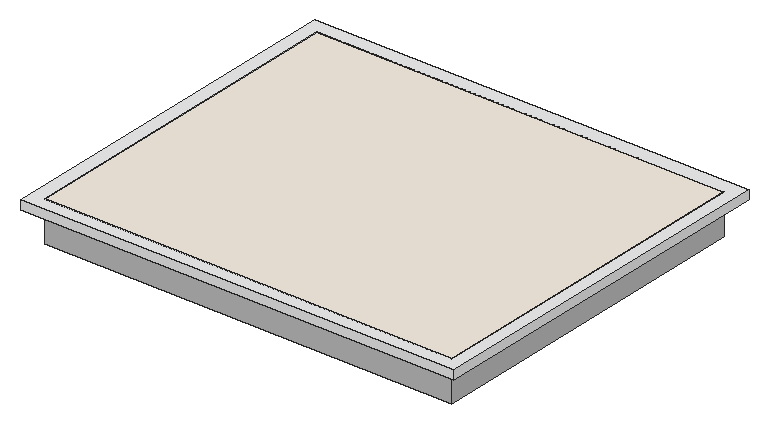
Revit family "Lighting-Industrial-GEWISS-ELIA-HL-LED_HIGHBAY", category Apparecchi per illuminazione, host Superficie, Revit 2019 (continued)
Types (12, lengths in mm): name | Weight (kg): | Weight (kg) | Voltage | Technical sheet | System power | Optic | built-in parameter 1150142 | Lumen output (lm) | Model | IDT | File diagramma fotometrico | Description
  GWF1001ML840 - ELIA HL M2 90° 4000K S.ALONE DALI | "3,9" | "3,9" | "220-240 V " | "https://www.gewiss.com/ww/en/search?q=GWF1100VC876" | "120W" | "90°" | "IESNA:LM-63-1995\r\n[TEST] HB25-120-4080-90D-H00108\r\n[DATE] 27 Nov 2019\r\n[MANUFAC] GEWISS\r\n[LUMCAT] GWF1001ML840\r\n[LUMINAIRE] ELIA HL - M2 90° LED840 120W - DALI\r\n[FLASHAREA] 0.013851\r\n[LAMPCAT] LED 120W/16100lm\r\n[LAMP] LED 120W/16100lm\r\nTILT=NONE\r\n1 16100.00 1.0 181 37 1 2 -0.270 0.000 0.000\r\n1.00 1.00 120.00\r\n0.00 0.50 1.00 1.50 2.00 2.50 3.00 3.50 4.00 4.50 5.00 \r\n5.50 6.00 6.50 7.00 7.50 8.00 8.50 9.00 9.50 10.00 10.50 \r\n11.00 11.50 12.00 12.50 13.00 13.50 14.00 14.50 15.00 \r\n15.50 16.00 16.50 17.00 17.50 18.00 18.50 19.00 19.50 \r\n20.00 20.50 21.00 21.50 22.00 22.50 23.00 23.50 24.00 \r\n24.50 25.00 25.50 26.00 26.50 27.00 27.50 28.00 28.50 \r\n29.00 29.50 30.00 30.50 31.00 31.50 32.00 32.50 33.00 \r\n33.50 34.00 34.50 35.00 35.50 36.00 36.50 37.00 37.50 \r\n38.00 38.50 39.00 39.50 40.00 40.50 41.00 41.50 42.00 \r\n42.50 43.00 43.50 44.00 44.50 45.00 45.50 46.00 46.50 \r\n47.00 47.50 48.00 48.50 49.00 49.50 50.00 50.50 51.00 \r\n51.50 52.00 52.50 53.00 53.50 54.00 54.50 55.00 55.50 \r\n56.00 56.50 57.00 57.50 58.00 58.50 59.00 59.50 60.00 \r\n60.50 61.00 61.50 62.00 62.50 63.00 63.50 64.00 64.50 \r\n65.00 65.50 66.00 66.50 67.00 67.50 68.00 68.50 69.00 \r\n69.50 70.00 70.50 71.00 71.50 72.00 72.50 73.00 73.50 \r\n74.00 74.50 75.00 75.50 76.00 76.50 77.00 77.50 78.00 \r\n78.50 79.00 79.50 80.00 80.50 81.00 81.50 82.00 82.50 \r\n83.00 83.50 84.00 84.50 85.00 85.50 86.00 86.50 87.00 \r\n87.50 88.00 88.50 89.00 89.50 90.00 \r\n0.00 2.50 5.00 7.50 10.00 12.50 15.00 17.50 20.00 22.50 \r\n25.00 27.50 30.00 32.50 35.00 37.50 40.00 42.50 45.00 \r\n47.50 50.00 52.50 55.00 57.50 60.00 62.50 65.00 67.50 \r\n70.00 72.50 75.00 77.50 80.00 82.50 85.00 87.50 90.00 \r\n8062.88 8062.88 8064.49 8067.71 8069.32 8072.54 8077.37 \r\n8080.59 8085.42 8091.86 8099.91 8106.35 8114.40 8122.45 \r\n8130.50 8138.55 8146.60 8156.26 8165.92 8175.58 8185.24 \r\n8193.29 8202.95 8211.00 8220.66 8227.10 8235.15 8241.59 \r\n8248.03 8251.25 8256.08 8257.69 8257.69 8257.69 8256.08 \r\n8252.86 8246.42 8238.37 8228.71 8219.05 8206.17 8191.68 \r\n8173.97 8154.65 8132.11 8107.96 8082.20 8054.83 8024.24 \r\n7990.43 7955.01 7916.37 7874.51 7829.43 7781.13 7728.00 \r\n7670.04 7607.25 7538.02 7460.74 7380.24 7291.69 7199.92 \r\n7100.10 6998.67 6895.63 6787.76 6671.84 6544.65 6407.80 \r\n6258.07 6092.24 5919.97 5758.97 5597.97 5435.36 5274.36 \r\n5124.63 4978.12 4834.83 4691.54 4545.03 4400.13 4266.50 \r\n4139.31 4015.34 3894.59 3781.89 3670.80 3556.49 3442.18 \r\n3334.31 3229.66 3129.84 3031.63 2936.64 2844.87 2753.10 \r\n2662.94 2577.61 2495.50 2411.78 2331.28 2254.00 2179.94 \r\n2107.49 2036.65 1967.42 1896.58 1824.13 1751.68 1679.23 \r\n1609.20 1540.13 1473.63 1411.81 1352.24 1292.83 1236.48 \r\n1186.73 1140.85 1096.73 1055.03 1016.72 979.52 941.69 \r\n903.85 866.34 828.99 791.48 754.29 718.06 683.12 650.28 \r\n619.53 591.03 563.82 536.45 510.21 486.54 464.97 445.97 \r\n427.29 405.40 383.34 362.89 343.25 323.93 304.93 286.26 \r\n268.39 251.80 236.51 222.99 210.91 200.61 190.46 177.91 \r\n165.19 153.47 141.94 130.15 118.66 108.06 97.92 87.91 \r\n78.21 68.94 60.10 51.78 43.99 36.87 30.28 24.13 18.52 \r\n13.39 9.08 5.94 3.87 2.84 2.86 \r\n8062.88 8062.88 8064.49 8066.90 8069.32 8072.54 8077.37 \r\n8080.59 8085.42 8091.86 8099.91 8106.35 8114.40 8122.45 \r\n8130.50 8138.55 8147.40 8157.06 8166.72 8175.58 8185.24 \r\n8194.09 8203.75 8211.80 8220.66 8227.90 8235.95 8242.39 \r\n8248.03 8252.86 8256.08 8257.69 8259.30 8258.49 8256.88 \r\n8252.86 8248.03 8240.78 8231.12 8219.85 8206.97 8192.48 \r\n8174.77 8155.45 8133.72 8109.57 8083.81 8056.44 8025.85 \r\n7992.84 7957.42 7917.98 7876.12 7831.04 7781.93 7728.80 \r\n7671.65 7608.05 7539.63 7463.96 7382.65 7295.71 7203.14 \r\n7104.93 7002.69 6899.65 6790.17 6673.45 6547.06 6409.41 \r\n6261.29 6096.26 5926.41 5764.60 5604.41 5440.99 5279.99 \r\n5127.04 4978.92 4834.83 4692.34 4545.83 4403.35 4270.52 \r\n4144.14 4020.17 3900.22 3785.11 3670.80 3556.49 3442.99 \r\n3335.92 3232.08 3130.64 3033.24 2938.25 2846.48 2753.91 \r\n2665.36 2579.22 2495.50 2412.59 2332.89 2255.61 2180.74 \r\n2109.10 2038.26 1967.42 1898.19 1825.74 1752.49 1682.45 \r\n1611.61 1543.10 1476.77 1414.71 1355.30 1296.29 1240.51 \r\n1190.76 1144.71 1100.60 1059.06 1020.50 983.15 945.39 \r\n907.72 870.12 832.61 795.42 758.71 722.25 687.15 654.30 \r\n623.47 594.65 567.04 539.27 512.79 488.72 466.66 447.26 \r\n428.10 406.28 384.23 363.78 344.06 324.74 305.82 287.14 \r\n269.19 252.53 237.23 223.87 211.80 201.33 190.87 178.31 \r\n165.51 153.47 141.73 129.88 118.41 107.81 97.69 87.75 \r\n78.16 68.99 60.23 51.90 44.10 36.94 30.33 24.18 18.56 \r\n13.43 9.10 5.96 3.88 2.85 2.87 \r\n8062.88 8062.88 8064.49 8066.90 8069.32 8072.54 8076.56 \r\n8080.59 8086.22 8091.86 8099.91 8106.35 8114.40 8121.64 \r\n8129.69 8139.35 8147.40 8157.06 8166.72 8176.38 8185.24 \r\n8194.90 8203.75 8212.61 8221.46 8228.71 8236.76 8243.20 \r\n8248.83 8253.66 8256.88 8258.49 8260.10 8259.30 8257.69 \r\n8254.47 8248.83 8242.39 8232.73 8221.46 8209.39 8194.09 \r\n8176.38 8157.06 8135.33 8111.18 8085.42 8058.05 8028.26 \r\n7994.45 7958.23 7919.59 7878.53 7832.65 7784.35 7732.02 \r\n7673.26 7610.47 7542.04 7467.18 7385.87 7299.74 7207.16 \r\n7108.95 7006.72 6902.87 6793.39 6675.06 6548.67 6412.63 \r\n6266.12 6101.90 5932.85 5771.85 5612.46 5447.43 5285.63 \r\n5130.26 4979.73 4834.02 4691.54 4545.83 4404.15 4273.74 \r\n4147.36 4023.39 3903.44 3786.72 3671.61 3556.49 3443.79 \r\n3337.53 3233.69 3132.26 3033.24 2939.06 2847.29 2754.71 \r\n2665.36 2579.22 2495.50 2414.20 2334.50 2256.42 2181.55 \r\n2109.10 2039.07 1969.03 1898.19 1826.55 1754.90 1684.06 \r\n1614.83 1546.00 1479.83 1417.77 1358.36 1299.75 1244.37 \r\n1194.70 1148.49 1104.54 1063.00 1024.20 986.69 949.18 \r\n911.58 873.75 836.15 799.20 762.74 726.35 691.09 658.25 \r\n627.18 598.20 570.26 542.17 515.28 490.89 468.35 448.39 \r\n428.90 407.09 385.27 364.67 344.86 325.54 306.71 287.87 \r\n269.92 253.25 237.96 224.51 212.52 201.81 191.11 178.55 \r\n165.59 153.35 141.39 129.51 118.07 107.49 97.40 87.54 \r\n78.04 68.96 60.29 51.95 44.13 36.96 30.33 24.19 18.59 \r\n13.44 9.11 5.97 3.89 2.85 2.86 \r\n8062.88 8062.88 8064.49 8066.90 8070.12 8073.34 8076.56 \r\n8081.39 8086.22 8092.66 8099.10 8106.35 8114.40 8122.45 \r\n8130.50 8139.35 8147.40 8157.06 8166.72 8176.38 8186.04 \r\n8194.90 8204.56 8212.61 8222.27 8230.32 8237.56 8244.00 \r\n8248.83 8253.66 8257.69 8259.30 8260.91 8260.10 8259.30 \r\n8256.08 8250.44 8242.39 8234.34 8223.88 8211.00 8195.70 \r\n8178.80 8159.48 8137.74 8113.59 8088.64 8060.46 8029.87 \r\n7996.87 7961.45 7922.00 7880.95 7835.06 7785.96 7733.63 \r\n7676.48 7612.88 7544.46 7470.40 7389.90 7304.57 7211.99 \r\n7114.59 7011.55 6906.90 6796.61 6678.28 6551.89 6416.65 \r\n6270.14 6107.53 5940.90 5779.90 5619.70 5453.87 5290.46 \r\n5133.48 4981.34 4834.83 4690.73 4546.64 4405.76 4275.35 \r\n4149.77 4026.61 3905.86 3787.53 3670.80 3555.69 3444.60 \r\n3339.14 3236.10 3133.87 3034.85 2939.86 2848.09 2756.32 \r\n2665.36 2580.03 2496.31 2414.20 2335.31 2258.03 2183.16 \r\n2110.71 2038.26 1968.23 1898.19 1826.55 1755.71 1684.87 \r\n1616.44 1548.66 1482.89 1420.91 1361.26 1303.05 1247.99 \r\n1198.32 1152.12 1108.24 1066.79 1027.74 990.07 952.56 \r\n915.12 877.13 839.45 802.83 766.52 730.22 694.88 662.03 \r\n630.96 601.58 573.24 544.90 517.62 492.74 469.80 449.35 \r\n429.47 407.81 386.16 365.55 345.51 326.19 307.35 288.67 \r\n270.64 253.90 238.60 225.16 213.08 202.14 191.19 178.55 \r\n165.59 153.13 140.97 129.07 117.67 107.11 97.06 87.29 \r\n77.89 68.90 60.28 51.96 44.13 36.94 30.31 24.17 18.57 \r\n13.44 9.12 5.97 3.89 2.84 2.85 \r\n8062.88 8063.68 8064.49 8066.90 8070.12 8073.34 8076.56 \r\n8081.39 8086.22 8092.66 8099.10 8106.35 8114.40 8122.45 \r\n8130.50 8139.35 8147.40 8157.06 8166.72 8176.38 8186.04 \r\n8194.90 8204.56 8214.22 8222.27 8231.12 8237.56 8244.00 \r\n8250.44 8254.47 8257.69 8260.91 8261.71 8260.91 8260.10 \r\n8256.88 8251.25 8244.81 8235.95 8225.49 8212.61 8197.31 \r\n8180.41 8160.28 8139.35 8116.01 8091.05 8062.88 8032.29 \r\n7999.28 7963.86 7925.22 7883.36 7838.28 7789.98 7736.85 \r\n7679.70 7616.10 7548.48 7474.42 7394.73 7309.40 7217.63 \r\n7119.42 7017.18 6911.73 6800.64 6682.30 6555.11 6419.87 \r\n6275.78 6114.78 5948.95 5787.95 5626.95 5461.12 5296.90 \r\n5137.51 4982.95 4834.83 4690.73 4546.64 4406.57 4276.96 \r\n4150.58 4028.22 3907.47 3787.53 3670.00 3556.49 3445.40 \r\n3340.75 3237.71 3135.48 3035.66 2940.67 2848.09 2756.32 \r\n2666.16 2579.22 2495.50 2414.20 2335.31 2258.83 2183.97 \r\n2110.71 2039.07 1969.03 1898.19 1826.55 1755.71 1686.48 \r\n1618.86 1551.15 1485.87 1423.72 1363.99 1305.95 1251.29 \r\n1201.62 1155.42 1111.54 1070.17 1030.88 992.97 955.54 \r\n918.18 880.19 842.43 805.81 769.82 733.52 698.34 665.41 \r\n634.18 604.64 575.98 547.32 519.87 494.51 471.01 450.00 \r\n429.79 408.46 387.12 366.28 346.07 326.75 307.99 289.24 \r\n271.12 254.38 239.09 225.72 213.57 202.38 191.11 178.39 \r\n165.43 152.81 140.50 128.57 117.21 106.69 96.70 87.01 \r\n77.71 68.79 60.24 51.93 44.08 36.89 30.26 24.13 18.54 \r\n13.42 9.11 5.97 3.88 2.84 2.84 \r\n8062.88 8063.68 8064.49 8066.90 8069.32 8072.54 8076.56 \r\n8081.39 8086.22 8092.66 8099.10 8106.35 8114.40 8122.45 \r\n8131.30 8139.35 8148.21 8157.06 8166.72 8176.38 8186.04 \r\n8195.70 8204.56 8214.22 8223.07 8231.12 8239.17 8245.61 \r\n8250.44 8256.08 8259.30 8261.71 8262.52 8262.52 8260.91 \r\n8257.69 8253.66 8246.42 8237.56 8227.10 8214.22 8198.92 \r\n8182.02 8163.50 8141.77 8118.42 8092.66 8065.29 8034.70 \r\n8002.50 7967.08 7928.44 7886.58 7841.50 7793.20 7740.07 \r\n7682.11 7620.13 7551.70 7478.45 7398.75 7314.23 7223.26 \r\n7125.86 7023.62 6917.36 6805.47 6687.13 6560.75 6426.31 \r\n6282.22 6122.02 5957.00 5796.00 5634.19 5468.36 5303.34 \r\n5142.34 4985.36 4835.63 4689.93 4546.64 4408.18 4277.77 \r\n4151.38 4028.22 3907.47 3786.72 3669.19 3555.69 3446.21 \r\n3341.56 3240.13 3137.09 3036.46 2941.47 2848.09 2757.13 \r\n2666.16 2579.22 2495.50 2414.20 2336.11 2259.64 2184.77 \r\n2111.52 2039.07 1968.23 1899.00 1826.55 1755.71 1687.28 \r\n1619.66 1553.41 1488.61 1426.22 1366.33 1308.53 1254.03 \r\n1204.36 1158.07 1114.28 1072.98 1033.54 995.46 957.95 \r\n920.68 882.60 844.85 808.38 772.48 736.33 701.24 668.31 \r\n637.00 607.13 578.23 549.33 521.64 495.88 471.97 450.40 \r\n429.95 408.78 387.69 366.76 346.39 327.07 308.40 289.56 \r\n271.61 254.78 239.49 226.12 213.81 202.30 190.87 178.15 \r\n165.19 152.42 139.97 128.05 116.74 106.27 96.33 86.72 \r\n77.51 68.67 60.16 51.87 44.03 36.83 30.20 24.07 18.50 \r\n13.40 9.10 5.97 3.87 2.83 2.82 \r\n8062.88 8063.68 8064.49 8066.90 8069.32 8072.54 8076.56 \r\n8081.39 8087.03 8092.66 8099.10 8107.15 8114.40 8122.45 \r\n8131.30 8139.35 8148.21 8157.87 8167.53 8176.38 8186.04 \r\n8195.70 8205.36 8215.02 8223.88 8231.93 8239.17 8245.61 \r\n8252.05 8256.88 8260.10 8262.52 8263.32 8263.32 8262.52 \r\n8259.30 8254.47 8248.03 8239.17 8228.71 8215.83 8201.34 \r\n8184.43 8165.11 8144.18 8120.84 8095.08 8067.71 8037.92 \r\n8005.72 7969.50 7931.66 7889.80 7844.72 7796.42 7743.29 \r\n7686.14 7624.15 7556.53 7482.47 7403.58 7319.06 7228.90 \r\n7133.10 7031.67 6924.61 6811.91 6693.57 6566.38 6432.75 \r\n6288.66 6130.88 5967.46 5804.85 5643.05 5476.41 5309.78 \r\n5147.97 4990.19 4837.24 4689.93 4547.44 4409.79 4279.38 \r\n4152.19 4029.02 3907.47 3786.72 3667.58 3555.69 3447.01 \r\n3343.17 3241.74 3138.70 3036.46 2941.47 2848.89 2756.32 \r\n2666.16 2578.42 2494.70 2415.00 2336.92 2260.44 2185.58 \r\n2111.52 2039.07 1968.23 1898.19 1827.35 1756.51 1688.09 \r\n1620.47 1555.18 1490.94 1428.47 1368.26 1310.54 1256.12 \r\n1206.37 1160.01 1116.45 1075.08 1035.47 997.15 959.64 \r\n922.37 884.29 846.46 810.15 774.41 738.43 703.41 670.48 \r\n639.09 608.98 579.84 550.78 522.85 496.69 472.37 450.40 \r\n429.71 408.78 388.09 367.00 346.31 327.15 308.48 289.80 \r\n271.77 255.10 239.65 226.21 213.81 202.14 190.38 177.74 \r\n164.78 151.95 139.43 127.54 116.27 105.84 95.96 86.43 \r\n77.30 68.51 60.07 51.80 43.95 36.77 30.14 24.02 18.45 \r\n13.36 9.09 5.96 3.86 2.81 2.81 \r\n8062.88 8063.68 8064.49 8066.90 8069.32 8072.54 8076.56 \r\n8081.39 8087.03 8093.47 8099.91 8106.35 8114.40 8121.64 \r\n8130.50 8139.35 8148.21 8157.06 8166.72 8176.38 8186.04 \r\n8195.70 8204.56 8214.22 8223.88 8231.93 8239.17 8245.61 \r\n8252.05 8256.88 8260.10 8262.52 8264.13 8264.13 8262.52 \r\n8260.10 8255.27 8248.83 8240.78 8230.32 8218.24 8202.95 \r\n8186.04 8167.53 8146.60 8123.25 8098.30 8070.12 8040.34 \r\n8008.14 7973.52 7934.88 7893.02 7848.75 7799.64 7747.32 \r\n7690.16 7628.18 7561.36 7488.11 7410.02 7326.30 7236.14 \r\n7140.35 7038.92 6932.66 6820.76 6701.62 6576.04 6442.41 \r\n6299.12 6140.54 5976.32 5814.51 5650.29 5483.66 5317.83 \r\n5156.83 4997.44 4843.68 4693.95 4550.66 4412.20 4280.18 \r\n4152.19 4028.22 3905.86 3785.11 3665.97 3554.88 3447.82 \r\n3343.97 3241.74 3138.70 3038.07 2942.28 2849.70 2757.93 \r\n2667.77 2580.83 2496.31 2416.61 2338.53 2262.05 2187.18 \r\n2113.13 2040.68 1969.84 1899.80 1828.16 1756.51 1688.89 \r\n1622.08 1556.47 1492.23 1429.44 1368.82 1310.94 1256.36 \r\n1206.29 1159.60 1115.89 1074.43 1034.59 996.19 958.67 \r\n921.48 883.41 845.65 809.19 773.44 737.54 702.68 669.68 \r\n637.96 607.94 578.88 549.98 522.04 495.80 471.25 449.19 \r\n428.34 407.65 387.12 366.03 345.26 326.11 307.67 289.16 \r\n271.37 254.70 239.25 225.72 213.16 201.41 189.58 176.94 \r\n164.06 151.39 139.02 127.21 115.98 105.56 95.70 86.24 \r\n77.18 68.47 60.04 51.83 44.01 36.84 30.20 24.05 18.45 \r\n13.36 9.09 5.96 3.86 2.81 2.80 \r\n8062.88 8062.88 8064.49 8066.90 8069.32 8072.54 8076.56 \r\n8081.39 8087.03 8092.66 8099.10 8106.35 8113.59 8122.45 \r\n8129.69 8138.55 8148.21 8157.06 8166.72 8175.58 8185.24 \r\n8194.90 8204.56 8214.22 8222.27 8231.12 8238.37 8244.81 \r\n8251.25 8256.88 8260.10 8262.52 8264.13 8264.13 8262.52 \r\n8260.10 8256.08 8249.64 8242.39 8231.93 8219.05 8205.36 \r\n8188.46 8169.14 8148.21 8125.67 8100.71 8073.34 8043.56 \r\n8012.16 7975.94 7938.10 7897.05 7851.97 7803.67 7751.34 \r\n7694.19 7633.01 7566.19 7493.74 7416.46 7332.74 7243.39 \r\n7148.40 7047.77 6942.32 6830.42 6712.09 6586.51 6452.88 \r\n6309.59 6151.00 5986.78 5823.37 5659.15 5492.51 5326.68 \r\n5165.68 5007.10 4850.93 4699.59 4553.88 4414.62 4280.99 \r\n4152.99 4027.41 3905.05 3782.70 3665.17 3553.27 3447.01 \r\n3343.17 3242.54 3139.50 3038.88 2942.28 2849.70 2757.93 \r\n2669.38 2582.44 2498.72 2417.42 2339.33 2263.66 2189.60 \r\n2115.54 2042.29 1970.64 1901.41 1828.96 1757.32 1689.70 \r\n1622.88 1557.27 1493.03 1429.92 1368.82 1310.70 1255.96 \r\n1205.49 1158.40 1114.52 1072.90 1033.06 994.50 956.98 \r\n919.79 881.80 844.04 807.50 771.67 736.01 701.24 667.99 \r\n636.19 606.17 577.19 548.61 520.84 494.35 469.56 447.50 \r\n426.73 406.28 385.92 364.75 343.98 325.06 306.71 288.35 \r\n270.64 254.14 238.76 225.00 212.36 200.44 188.61 175.97 \r\n163.25 150.79 138.64 126.91 115.73 105.31 95.46 86.07 \r\n77.08 68.40 60.02 51.83 44.07 36.92 30.28 24.09 18.45 \r\n13.36 9.09 5.95 3.86 2.81 2.80 \r\n8062.88 8062.88 8064.49 8066.90 8069.32 8072.54 8076.56 \r\n8081.39 8086.22 8092.66 8098.30 8106.35 8113.59 8121.64 \r\n8129.69 8137.74 8147.40 8157.06 8166.72 8175.58 8185.24 \r\n8194.90 8204.56 8213.41 8222.27 8230.32 8238.37 8244.81 \r\n8251.25 8256.08 8260.10 8262.52 8264.13 8264.13 8264.13 \r\n8261.71 8256.88 8251.25 8243.20 8232.73 8221.46 8206.97 \r\n8190.07 8171.55 8150.62 8128.89 8103.93 8076.56 8047.58 \r\n8014.58 7979.96 7942.13 7901.07 7856.80 7808.50 7756.17 \r\n7699.82 7637.84 7571.83 7500.18 7422.90 7339.99 7250.63 \r\n7156.45 7056.63 6951.98 6840.08 6722.55 6597.78 6464.95 \r\n6321.66 6163.88 5998.05 5833.83 5668.81 5502.17 5337.15 \r\n5175.34 5016.76 4858.98 4706.03 4558.71 4417.84 4283.40 \r\n4152.99 4026.61 3902.64 3781.09 3662.75 3552.47 3446.21 \r\n3343.17 3241.74 3140.31 3038.88 2943.08 2849.70 2758.74 \r\n2670.18 2583.24 2500.33 2418.22 2340.14 2264.47 2190.41 \r\n2117.15 2043.90 1972.25 1902.22 1829.77 1758.12 1689.70 \r\n1622.88 1557.51 1493.28 1429.84 1368.42 1309.98 1254.91 \r\n1204.12 1156.62 1112.51 1070.73 1030.80 992.24 954.65 \r\n917.54 879.54 841.87 805.24 769.34 733.92 699.30 665.90 \r\n633.86 603.83 575.09 546.68 519.14 492.58 467.62 445.65 \r\n424.96 404.51 384.39 363.30 342.53 323.69 305.42 287.30 \r\n269.92 253.49 238.04 224.19 211.47 199.40 187.57 175.01 
